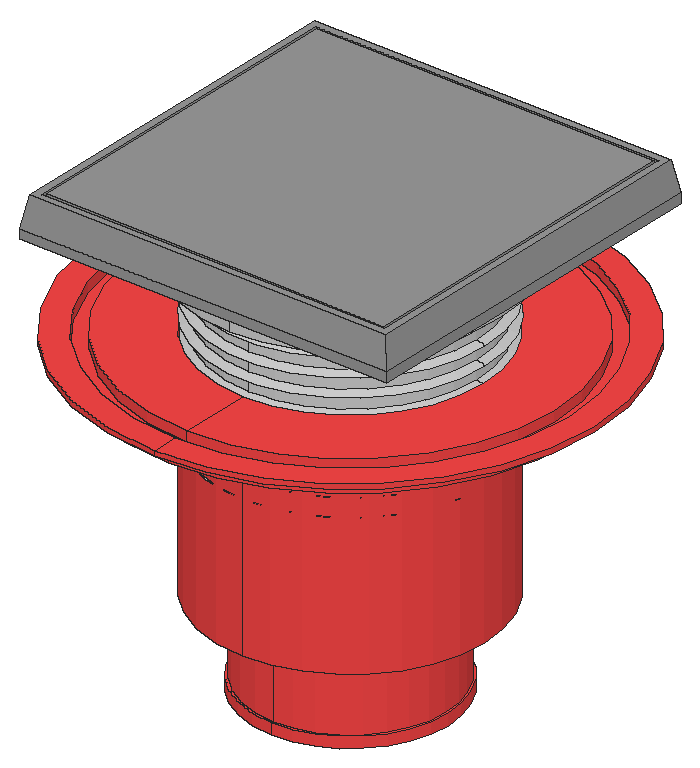
Revit family "HL Трап для внутренних помещенийHL310NG-SML", category Арматура трубопроводов, Revit 2025
Family settings
  Размер круглого соединителя = Использовать диаметр
  Тип детали = Нормальный
  Номер OmniClass = 23.70.50.21.24.14
  Заголовок OmniClass = Deck Waste Water Drains
  На основе рабочей плоскости = Нет
  Всегда вертикально = Да
  При загрузке вырезать с полостями = Нет
  Общий = Да
Parameters (values of type "HL39PrblueG")
  РЕШЁТКА = "137x137mm / GJL"
  РАЗМЕР = "d 110 mm"
  ПРАВОВАЯ ИНФОРМАЦИЯ = "Авторские права(©), права на дизайн или какие либо другие права интелектуальной собственности являются исключительной собственностью компании HL Hutterer & Lechner. Изменению не подлежит. Файл семейства с данными о прозводителе изделия защищен паролем с водяным знаком."  # constant formula
  НАСАДКА = "150x150mm / GJL"
  МАТЕРИАЛ = "PP, GJL"
  МАКСИМАЛЬНАЯ НАГРУЗКА КЛАССА = "A/L15 - 1,5 t"
  ВЫСОТА МОНТАЖА = "35-75 mm"
  ВЕС = "2,179 [kg]"
  Waste Connection = yes
  Отметка по умолчанию = 0 mm
  Vent Connection = no
  Изготовитель = "HL Hutterer & Lechner GmbH"  # constant formula
  URL = "https://www.hutterer-lechner.com/ru/products/catalog/Floor-drains/attachments/HL39PrblueG.aspx"
  NL_Test [instance] = and(or(Высота монтажа < NL_Max, Высота монтажа = NL_Max), or(Высота монтажа > NL_Min, Высота монтажа = NL_Min))  # yes
  NL_Min = 20 mm
  NL_Max = 75 mm
  NL [instance] = if(NL_Test, Высота монтажа + 20 mm, 0 mm)  # 95 mm
  Assembly Code = ""
  Высота монтажа [instance] = 75 mm
  HW Connection = no
  Описание = "Трап для внутренних помещений"
  Model = "HL39PrblueG"
  Комментарии к типоразмеру = "Насадка d 110мм/чугунные подрамники 150х150мм/137х137мм чугун с запахозапирающим устройством Primus."
  Keynote = "HL39PrblueG"
  EAN = "9003076052240"
  CW Connection = no
Reference planes
  plane 1 "Center (Front/Back)": y = 0
  plane 2: z = 0
  plane 3 "Center (Left/Right)": x = 0
  plane 4 "Ball Joint Vertical": x = 25.45
  plane 5: z = -95
Lines and regions (mm)
  symbolic lines
    curve 1: line (0, 0, -95) -> (0, 0, 0)
Text (mm)
  text "ROOF/FLOOR" at (-198.233, 0, -26.556), in view "вид строительства"
Dimensions and locks
  locked: plane 4 "Ball Joint Vertical" to plane 3 "Center (Left/Right)" at 25.45
  "NL": plane 2 to plane 5
  aligned and locked: level to plane 2
  aligned and locked: plane 2 to curve 1
  aligned and locked: plane 5 to curve 1
  aligned and locked: plane 3 "Center (Left/Right)" to curve 1
Nested families
  nested 1: "HL-Решётка-HL037G.1E" at (0, 0, 96.955), type "HL037G.1E_Main Component"
  nested 2: "HL-Насадная деталь-HL037G.2E" at (0, 0, 96.955), type "HL037G.2E"
    with Высота монтажа 75 mm, RN 9, RL 58.5 mm, R yes, NL_Test yes, NL 95 mm
  nested 3: "HL Трап для внутренних помещенийHL310KSML_50" at (0, 0, 41.006), type "HL310KSML_50"
    with НОМИНАЛЬНЫЙ ДИАМЕТР 50 mm, Высота монтажа 136 mm, DN_Test 30 mm, B 136 mm, A 36 mm
  nested 4: "HL_Вкладыш сифона_HL0510.7E" at (0, 0, 80.955), type "HL0510.7E"
Definition of nested family "HL-Решётка-HL037G.1E"
  Parameters (values of type "HL037G.1E")
    РАЗМЕР = "137x137mm"
    ПРАВОВАЯ ИНФОРМАЦИЯ = "Авторские права(©), права на дизайн или какие либо другие права интелектуальной собственности являются исключительной собственностью компании HL Hutterer & Lechner. Изменению не подлежит. Файл семейства с данными о прозводителе изделия защищен паролем с водяным знаком."  # constant formula
    МАТЕРИАЛ = "Gusseisen"
    МАКСИМАЛЬНАЯ НАГРУЗКА КЛАССА = "A/L15 - 1,5 t"
    ВЕС = "0,91 [kg]"
    Waste Connection = yes
    Default Elevation = 0 mm
    Vent Connection = no
    Manufacturer = "HL Hutterer & Lechner GmbH"  # constant formula
    URL = "http://www.hutterer-lechner.com/ru/Products/catalog/floor-drains/attachments/HL037G.1E.aspx"
    HW Connection = no
    Description = "Трапы для внутренних помещений - Комплектующие"
    Model = "HL037G.1E"
    Type Comments = "HL037G.1E Чугунные решетки для сливных отверстий 137х137мм"
    Keynote = "HL037G.1E"
    EAN = "9003076009046"
    CW Connection = no
  Reference planes
    plane 1 "Center (Front/Back)": y = 0
    plane 2: z = 0
    plane 3 "Center (Left/Right)": x = 0
    plane 4 "Ball Joint Vertical": x = 25.45
  Forms (mm)
    Extrusion 1, solid, detail levels fine
      sketch origin (0, 0, 0) x (1, 0, 0) y (0, 1, 0)
        loop
          line (-69, 69) -> (-69, -69) -> (69, -69) -> (69, 69) -> (-69, 69)
      from 0 to -8
  Lines and regions (mm)
    model lines, detail levels fine
      curve 1: line (-8.15, 4.25, 0) -> (-8.15, -4.25, 0)
      curve 2: line (-6.4, 1.625, 0) -> (-6.4, 4.25, 0)
      curve 3: line (-2.65, 0.875, 0) -> (-5.65, 0.875, 0)
      curve 4: line (-5.65, -0.875, 0) -> (-2.65, -0.875, 0)
      curve 5: line (-6.4, -4.25, 0) -> (-6.4, -1.625, 0)
      curve 6: line (-0.15, -4.25, 0) -> (-0.15, 4.25, 0)
      curve 7: line (1.65, 4.25, 0) -> (1.65, -4.25, 0)
      curve 8: line (3.4, -2.5, 0) -> (3.4, 4.25, 0)
      curve 9: line (7.4, -3.25, 0) -> (4.15, -3.25, 0)
      curve 10: line (2.4, -5, 0) -> (7.4, -5, 0)
      curve 11: arc (-8.15, -4.25, 0) -> (-7.275, -5.125, 0) -> (-6.4, -4.25, 0) r 0.875
      curve 12: arc (-8.15, 4.25, 0) -> (-7.275, 5.125, 0) -> (-6.4, 4.25, 0) r 0.875
      curve 13: arc (-6.4, 1.625, 0) -> (-6.18, 1.095, 0) -> (-5.65, 0.875, 0) r 0.75
      curve 14: arc (-5.65, -0.875, 0) -> (-6.18, -1.095, 0) -> (-6.4, -1.625, 0) r 0.75
      curve 15: arc (-2.65, -0.875, 0) -> (-2.12, -1.095, 0) -> (-1.9, -1.625, 0) r 0.75
      curve 16: arc (-2.65, 0.875, 0) -> (-2.12, 1.095, 0) -> (-1.9, 1.625, 0) r 0.75
      curve 17: arc (-1.9, 4.25, 0) -> (-1.025, 5.125, 0) -> (-0.15, 4.25, 0) r 0.875
      curve 18: arc (1.65, 4.25, 0) -> (2.525, 5.125, 0) -> (3.4, 4.25, 0) r 0.875
      curve 19: arc (7.4, -3.25, 0) -> (8.275, -4.125, 0) -> (7.4, -5, 0) r 0.875
      curve 20: arc (4.15, -3.25, 0) -> (3.62, -3.03, 0) -> (3.4, -2.5, 0) r 0.75
      curve 21: arc (1.65, -4.25, 0) -> (1.87, -4.78, 0) -> (2.4, -5, 0) r 0.75
      curve 22: arc (-1.9, -4.25, 0) -> (-1.025, -5.125, 0) -> (-0.15, -4.25, 0) r 0.875
      curve 23: line (-1.9, -1.625, 0) -> (-1.9, -4.25, 0)
      curve 24: line (-1.9, 1.625, 0) -> (-1.9, 4.25, 0)
      curve 25: line (-10.607, 16.263, 0) -> (-28.989, 34.646, 0)
      curve 26: line (-34.646, 28.989, 0) -> (-16.263, 10.607, 0)
      curve 27: line (-21.211, 38.181, 0) -> (-12.021, 28.991, 0)
      curve 28: line (-6.364, 34.648, 0) -> (-15.554, 43.838, 0)
      curve 29: line (-28.991, 12.021, 0) -> (-38.181, 21.211, 0)
      curve 30: line (-43.838, 15.554, 0) -> (-34.648, 6.364, 0)
      curve 31: arc (-43.838, 15.554, 0) -> (-43.838, 21.211, 0) -> (-38.181, 21.211, 0) r 4
      curve 32: arc (-28.991, 12.021, 0) -> (-28.991, 6.364, 0) -> (-34.648, 6.364, 0) r 4
      curve 33: arc (-34.646, 28.989, 0) -> (-34.646, 34.646, 0) -> (-28.989, 34.646, 0) r 4
      curve 34: arc (-16.263, 10.607, 0) -> (-10.607, 10.607, 0) -> (-10.607, 16.263, 0) r 4
      curve 35: arc (-12.021, 28.991, 0) -> (-6.364, 28.991, 0) -> (-6.364, 34.648, 0) r 4
      curve 36: arc (-21.211, 38.181, 0) -> (-21.211, 43.838, 0) -> (-15.554, 43.838, 0) r 4
      curve 37: line (16.263, 10.607, 0) -> (34.646, 28.989, 0)
      curve 38: line (28.989, 34.646, 0) -> (10.607, 16.263, 0)
      curve 39: line (38.181, 21.211, 0) -> (28.991, 12.021, 0)
      curve 40: line (34.648, 6.364, 0) -> (43.838, 15.554, 0)
      curve 41: line (12.021, 28.991, 0) -> (21.211, 38.181, 0)
      curve 42: line (15.554, 43.838, 0) -> (6.364, 34.648, 0)
      curve 43: arc (15.554, 43.838, 0) -> (21.211, 43.838, 0) -> (21.211, 38.181, 0) r 4
      curve 44: arc (12.021, 28.991, 0) -> (6.364, 28.991, 0) -> (6.364, 34.648, 0) r 4
      curve 45: arc (28.989, 34.646, 0) -> (34.646, 34.646, 0) -> (34.646, 28.989, 0) r 4
      curve 46: arc (10.607, 16.263, 0) -> (10.607, 10.607, 0) -> (16.263, 10.607, 0) r 4
      curve 47: arc (28.991, 12.021, 0) -> (28.991, 6.364, 0) -> (34.648, 6.364, 0) r 4
      curve 48: arc (38.181, 21.211, 0) -> (43.838, 21.211, 0) -> (43.838, 15.554, 0) r 4
      curve 49: line (-10.607, -16.263, 0) -> (-28.989, -34.646, 0)
      curve 50: line (-34.646, -28.989, 0) -> (-16.263, -10.607, 0)
      curve 51: line (-21.211, -38.181, 0) -> (-12.021, -28.991, 0)
      curve 52: line (-6.364, -34.648, 0) -> (-15.554, -43.838, 0)
      curve 53: line (-28.991, -12.021, 0) -> (-38.181, -21.211, 0)
      curve 54: line (-43.838, -15.554, 0) -> (-34.648, -6.364, 0)
      curve 55: arc (-43.838, -15.554, 0) -> (-43.838, -21.211, 0) -> (-38.181, -21.211, 0) r 4
      curve 56: arc (-28.991, -12.021, 0) -> (-28.991, -6.364, 0) -> (-34.648, -6.364, 0) r 4
      curve 57: arc (-34.646, -28.989, 0) -> (-34.646, -34.646, 0) -> (-28.989, -34.646, 0) r 4
      curve 58: arc (-16.263, -10.607, 0) -> (-10.607, -10.607, 0) -> (-10.607, -16.263, 0) r 4
      curve 59: arc (-12.021, -28.991, 0) -> (-6.364, -28.991, 0) -> (-6.364, -34.648, 0) r 4
      curve 60: arc (-21.211, -38.181, 0) -> (-21.211, -43.838, 0) -> (-15.554, -43.838, 0) r 4
      curve 61: line (16.263, -10.607, 0) -> (34.646, -28.989, 0)
      curve 62: line (28.989, -34.646, 0) -> (10.607, -16.263, 0)
      curve 63: line (38.181, -21.211, 0) -> (28.991, -12.021, 0)
      curve 64: line (34.648, -6.364, 0) -> (43.838, -15.554, 0)
      curve 65: line (12.021, -28.991, 0) -> (21.211, -38.181, 0)
      curve 66: line (15.554, -43.838, 0) -> (6.364, -34.648, 0)
      curve 67: arc (15.554, -43.838, 0) -> (21.211, -43.838, 0) -> (21.211, -38.181, 0) r 4
      curve 68: arc (12.021, -28.991, 0) -> (6.364, -28.991, 0) -> (6.364, -34.648, 0) r 4
      curve 69: arc (28.989, -34.646, 0) -> (34.646, -34.646, 0) -> (34.646, -28.989, 0) r 4
      curve 70: arc (10.607, -16.263, 0) -> (10.607, -10.607, 0) -> (16.263, -10.607, 0) r 4
      curve 71: arc (28.991, -12.021, 0) -> (28.991, -6.364, 0) -> (34.648, -6.364, 0) r 4
      curve 72: arc (38.181, -21.211, 0) -> (43.838, -21.211, 0) -> (43.838, -15.554, 0) r 4
    model lines
      curve 73: line (0, 0, 0) -> (0, 0, 100)
  Text (mm)
    text "ROOF/FLOOR" at (-198.233, 0, -26.556), in view "Drain Construction View"
  Dimensions and locks
    locked: plane 4 "Ball Joint Vertical" to plane 3 "Center (Left/Right)" at 25.45
    aligned and locked: level to plane 2
Definition of nested family "HL-Насадная деталь-HL037G.2E"
  Parameters (values of type "HL037G.2E")
    РАЗМЕР = "d 110 mm"
    ПРАВОВАЯ ИНФОРМАЦИЯ = "Авторские права(©), права на дизайн или какие либо другие права интелектуальной собственности являются исключительной собственностью компании HL Hutterer & Lechner. Изменению не подлежит. Файл семейства с данными о прозводителе изделия защищен паролем с водяным знаком."  # constant formula
    НАСАДКА = "150x150mm"
    МАКСИМАЛЬНАЯ НАГРУЗКА КЛАССА = "A/L15 - 1,5 t"
    Высота монтажа [instance] = 75 mm
    ВЕС = "2,03 [kg]"
    Waste Connection = yes
    Default Elevation = 0 mm
    Vent Connection = no
    RD = 6.5 mm  # constant formula
    R [instance] = ((Высота монтажа - NL_Min) / RD - 1) > 2  # yes
    RL [instance] = RD * RN  # 58.5 mm
    NL_Test [instance] = and(or(Высота монтажа < NL_Max, Высота монтажа = NL_Max), or(Высота монтажа > NL_Min, Высота монтажа = NL_Min))  # yes
    NL_Min = 30 mm
    NL_Max = 95 mm
    NL [instance] = if(NL_Test, Высота монтажа + 20 mm, 0 mm)  # 95 mm
    RN [instance] = if((Высота монтажа + 20 mm - NL_Min) / RD - 1 < 2, 2, (Высота монтажа + 20 mm - NL_Min) / RD - 1)  # 9
    Manufacturer = "HL Hutterer & Lechner GmbH"  # constant formula
    URL = "http://www.hutterer-lechner.com/ru/Products/catalog/floor-drains/attachments/HL037G.2E.aspx"
    HW Connection = no
    Description = "Трапы для внутренних помещений - Комплектующие"
    Model = "HL037G.2E"
    Type Comments = "HL037G.2E Подрамники d 110 мм из чугуна 150х150 мм"
    Keynote = "HL037G.2E"
    EAN = "9003076025404"
    CW Connection = no
  Reference planes
    plane 1 "Center (Front/Back)": y = 0
    plane 2: z = 0
    plane 3 "Center (Left/Right)": x = 0
    plane 4 "Ball Joint Vertical": x = 25.45
    plane 5: z = -95
  Forms (mm)
    Extrusion 1, solid, detail levels fine
      sketch origin (0, 0, 0) x (1, 0, 0) y (0, 1, 0)
        loop
          line (-75, 75) -> (-75, -75) -> (75, -75) -> (75, 75) -> (-75, 75)
        loop
          circle (0, 0) r 50.15
      from -12 to -16
    Sweep 2, solid, detail levels fine
      path in 3D
        loop
          line (-75, 75, -12) -> (-75, -75, -12) -> (75, -75, -12) -> (75, 75, -12) -> (-75, 75, -12)
      profile origin (0, 75, -12) x (0, -1, 0) y (0, 0, 1)
        loop
          line (2.116, 12) -> (0, 0) -> (15, 0) -> (15, 4) -> (5, 4) -> (5, 12) -> (2.116, 12)
    Extrusion 3, solid, detail levels fine
      sketch origin (0, 0, 0) x (1, 0, 0) y (0, 1, 0)
        loop
          line (-60, 60) -> (-60, -60) -> (60, -60) -> (60, 60) -> (-60, 60)
        loop
          circle (0, 0) r 50.5
      from -8 to -12
    Revolve 4, solid, detail levels fine
      sketch origin (0, 0, 0) x (0, 1, 0) y (0, 0, 1)
        loop
          line (64.5, -16) -> (62.224, -16) -> (59.8, -18.424) -> (59.8, -27.8) -> (50.15, -27.8) -> (50.15, -29.5) -> (50.15, -95) -> (51.85, -95) -> (51.85, -29.5) -> (61.5, -29.5) -> (61.5, -19) -> (64.5, -16)
        axis (0, -16) -> (0, -95)
      angle from 0 to 360
  Cuts and joins
    joined: Extrusion 1, Sweep 2, Extrusion 3
  Lines and regions (mm)
    symbolic lines
      curve 1: line (0, 0, -95) -> (0, 0, 0)
    sketch lines
      curve 2: line (75, 75, -12) -> (-75, 75, -12)
      curve 3: line (75, -75, -12) -> (75, 75, -12)
      curve 4: line (-75, -75, -12) -> (75, -75, -12)
      curve 5: line (-75, 75, -12) -> (-75, -75, -12)
  Text (mm)
    text "ROOF/FLOOR" at (-198.233, 0, -26.556), in view "Drain Construction View"
  Dimensions and locks
    locked: plane 4 "Ball Joint Vertical" to plane 3 "Center (Left/Right)" at 25.45
    "NL": plane 2 to plane 5
    equal spacing: group 1, group 3, group 4, group 5, group 6, group 7, group 8, group 9, group 2  (x3)
    "RL": nested 2 to nested 1
    locked: nested 1 to plane 5 at 1.516
    aligned and locked: level to plane 2
    aligned and locked: plane 3 "Center (Left/Right)" to nested 1
    aligned and locked: plane 1 "Center (Front/Back)" to nested 1
    aligned and locked: plane 2 to curve 1
    aligned and locked: plane 5 to curve 1
    aligned and locked: plane 5 to Revolve 4
  Automatic sketch dimensions
    curve 1 to plane 4 "Ball Joint Vertical" = 25.45 mm
    Extrusion 1 sketch curve to Extrusion 1 sketch curve = 0 mm  (x2)
    plane 1 "Center (Front/Back)" to Extrusion 1 sketch curve = 0 mm
    Extrusion 1 sketch curve to plane 3 "Center (Left/Right)" = 0 mm
    Extrusion 1 sketch curve to plane 3 "Center (Left/Right)" = 75 mm
    plane 4 "Ball Joint Vertical" to Extrusion 1 sketch curve = 49.55 mm
    plane 1 "Center (Front/Back)" to Extrusion 1 sketch curve = 75 mm
    Extrusion 1 sketch curve to plane 1 "Center (Front/Back)" = 75 mm
    plane 1 "Center (Front/Back)" to Extrusion 1 sketch curve = 5.198 mm
    Extrusion 1 sketch curve to plane 3 "Center (Left/Right)" = 49.88 mm
    Extrusion 1 sketch curve to plane 1 "Center (Front/Back)" = 5.198 mm
    Sweep 2 sketch curve to profile plane = 0 mm  (x2)
    Sweep 2 sketch curve to profile plane = 2.116 mm
    Sweep 2 sketch curve to Sweep 2 sketch curve = 2.884 mm
    profile plane to Sweep 2 sketch curve = 4 mm
    Sweep 2 sketch curve to Sweep 2 sketch curve = 10 mm
    Sweep 2 sketch curve to Sweep 2 sketch curve = 8 mm
    Extrusion 3 sketch curve to Extrusion 3 sketch curve = 0 mm  (x2)
    plane 1 "Center (Front/Back)" to Extrusion 3 sketch curve = 0 mm
    Extrusion 3 sketch curve to plane 3 "Center (Left/Right)" = 0 mm
    Extrusion 3 sketch curve to plane 3 "Center (Left/Right)" = 60 mm
    plane 4 "Ball Joint Vertical" to Extrusion 3 sketch curve = 34.55 mm
    plane 1 "Center (Front/Back)" to Extrusion 3 sketch curve = 60 mm
    Extrusion 3 sketch curve to plane 1 "Center (Front/Back)" = 60 mm
    Extrusion 3 sketch curve to plane 1 "Center (Front/Back)" = 5.234 mm
    Extrusion 3 sketch curve to plane 3 "Center (Left/Right)" = 50.228 mm
    plane 1 "Center (Front/Back)" to Extrusion 3 sketch curve = 5.234 mm
    Revolve 4 sketch curve to plane 1 "Center (Front/Back)" = 0 mm
    Revolve 4 sketch curve to plane 1 "Center (Front/Back)" = 50.15 mm
    Revolve 4 sketch curve to Revolve 4 sketch curve = 1.7 mm  (x3)
    Revolve 4 sketch curve to Revolve 4 sketch curve = 7.95 mm
    Revolve 4 sketch curve to level = 16 mm
    Revolve 4 sketch curve to Revolve 4 sketch curve = 0.724 mm
    Revolve 4 sketch curve to Revolve 4 sketch curve = 2.276 mm
    Revolve 4 sketch curve to Revolve 4 sketch curve = 2.424 mm
    Revolve 4 sketch curve to Revolve 4 sketch curve = 0.576 mm
    Revolve 4 sketch curve to Revolve 4 sketch curve = 9.376 mm
    Revolve 4 sketch curve to Revolve 4 sketch curve = 0 mm
    Revolve 4 sketch curve to plane 5 = 0 mm
    Revolve 4 sketch curve to plane 5 = 60 mm
    level to Revolve 4 sketch curve = 50 mm
  Nested families
    nested 1: "Ring" at (0, 0, -93.484), visible <- "R", type "Ring"
    nested 2: "Ring" at (0, 0, -34.984), visible <- "R", type "Ring"
    nested 3: "Ring" at (0, 0, -86.171), visible <- "R", type "Ring"
    nested 4: "Ring" at (0, 0, -78.859), visible <- "R", type "Ring"
    nested 5: "Ring" at (0, 0, -71.546), visible <- "R", type "Ring"
    nested 6: "Ring" at (0, 0, -64.234), visible <- "R", type "Ring"
    nested 7: "Ring" at (0, 0, -56.921), visible <- "R", type "Ring"
    nested 8: "Ring" at (0, 0, -49.609), visible <- "R", type "Ring"
    nested 9: "Ring" at (0, 0, -42.296), visible <- "R", type "Ring"
  Definition of nested family "Ring"
    Parameters (values of type "Ring")
      Manufacturer = ""
      Default Elevation = 0 mm
      URL = ""
      R = D / 2  # 51.5 mm
      Description = ""
      Model = ""
      Material = none
      Type Comments = ""
      D = 103 mm
      Cost = 0
    Reference planes
      plane 1 "Střed (vpředu/vzadu)": y = 0
      plane 2: z = 0
      plane 3 "Střed (vlevo/vpravo)": x = 0
    Forms (mm)
      Revolve 1, solid, material <- "Material", detail levels fine
        sketch origin (0, 0, 0) x (1, 0, 0) y (0, 0, 1)
          loop
            line (-51.5, 1.482) -> (-54.764, 0) -> (-51.5, -1.516) -> (-51.5, 1.482)
          axis (0, 1.482) -> (0, -1.516)
        angle from 0 to 360
    Dimensions and locks
      "R": Revolve 1 sketch curve to plane 3 "Střed (vlevo/vpravo)"
      aligned and locked: level to plane 2
      aligned and locked: Revolve 1 sketch curve to plane 3 "Střed (vlevo/vpravo)"
    Automatic sketch dimensions
      Revolve 1 sketch curve to level = 0 mm
      Revolve 1 sketch curve to Revolve 1 sketch curve = 3.264 mm
      Revolve 1 sketch curve to level = 1.516 mm
      level to Revolve 1 sketch curve = 1.482 mm
      Revolve 1 sketch curve to level = 381 mm
      Revolve 1 sketch curve to Revolve 1 sketch curve = 2212.833 mm
Definition of nested family "HL Трап для внутренних помещенийHL310KSML_50"
  Parameters (values of type "HL310KSML_50")
    РЕШЁТКА = "115 x 115 mm / V2A"
    РАЗМЕР = "DN50/75/110"
    ПРОПУСКНАЯ СПОСОБНОСТЬ = 0.67 L/s
    ПРОИЗВОДИТЕЛЬНОСТЬ = "0,67 l/s"
    ПРАВОВАЯ ИНФОРМАЦИЯ = "Авторские права(©), права на дизайн или какие либо другие права интелектуальной собственности являются исключительной собственностью компании HL Hutterer & Lechner. Изменению не подлежит. Файл семейства с данными о прозводителе изделия защищен паролем с водяным знаком."  # constant formula
    Нормы = "EN 1253-1"
    НОМИНАЛЬНЫЙ ДИАМЕТР [instance] = 50 mm
    НАСАДКА = "12-70 mm / 123 x 123 mm / PP"
    МАТЕРИАЛ = "PP, V2A"
    МАКСИМАЛЬНАЯ НАГРУЗКА КЛАССА = "K3 - 300 kg"
    ВЫСОТА МОНТАЖА = "163 mm"
    ВЕС = "0,72 [kg]"
    EAN = "9003076004638"
    Default Elevation = 0 mm
    Vent Connection = no
    Manufacturer = "HL Hutterer & Lechner GmbH"  # constant formula
    URL = "http://www.hutterer-lechner.com/ru/Products/catalog/floor-drains/attachments/HL310N.aspx"
    Waste Connection = yes
    HW Connection = no
    Description = "Трап для внутренних помещений"
    Model = "HL310KSML_50"
    Type Comments = "Корпус трапа для внутренних помещений DN50/75/110 вертикальный"
    Keynote = "HL310KSML_50"
    Высота монтажа [instance] = 136 mm
    DN_Test [instance] = if(or(НОМИНАЛЬНЫЙ ДИАМЕТР = 50 mm, НОМИНАЛЬНЫЙ ДИАМЕТР = 75 mm, НОМИНАЛЬНЫЙ ДИАМЕТР = 110 mm), 30 mm, 0 mm)  # 30 mm
    CW Connection = no
    B [instance] = if(НОМИНАЛЬНЫЙ ДИАМЕТР = 110 mm, Высота монтажа - 41 mm, if(НОМИНАЛЬНЫЙ ДИАМЕТР = 75 mm, Высота монтажа - 5.5 mm, Высота монтажа))  # 136 mm
    A [instance] = if(B - 100 mm > 15 mm, B - 100 mm, 15 mm)  # 36 mm
  Reference planes
    plane 1 "Center (Front/Back)": y = 0
    plane 2: z = 0
    plane 3 "Center (Left/Right)": x = 0
    plane 4 "Ball Joint Vertical": x = 25.45
    plane 5: z = -136
    plane 6: z = -136
  Lines and regions (mm)
    model lines
      curve 1: line (0, 0, 0) -> (0, 0, 975)
    reference lines
      curve 2: line (0, 0, -131.004) -> (0, 0, -136.004)
    model lines, detail levels coarse+medium
      curve 3: line (0, 0, -136) -> (0, 0, -100)
      curve 4: line (0, 0, -100) -> (100, 0, 0)
      curve 5: line (0, 0, -100) -> (-100, 0, 0)
    symbolic lines, not visible
      curve 6: line (0, 0, 0) -> (0, 0, -30)
    symbolic lines, detail levels coarse+medium
      curve 7: line (-75, 75, 0) -> (75, 75, 0)
      curve 8: line (-75, -75, 0) -> (-75, 75, 0)
      curve 9: line (75, -75, 0) -> (-75, -75, 0)
      curve 10: line (75, 75, 0) -> (75, -75, 0)
      curve 11: line (75, 75, 0) -> (145.711, 145.711, 0)
      curve 12: line (-75, 75, 0) -> (-145.711, 145.711, 0)
      curve 13: line (75, -75, 0) -> (145.711, -145.711, 0)
      curve 14: line (-75, -75, 0) -> (-145.711, -145.711, 0)
    symbolic lines, not visible, detail levels coarse+medium
      curve 15: line (97.767, 268.748, 0) -> (247.767, 268.748, 0)
      curve 16: line (97.767, 118.748, 0) -> (97.767, 268.748, 0)
      curve 17: line (247.767, 118.748, 0) -> (97.767, 118.748, 0)
      curve 18: line (247.767, 268.748, 0) -> (247.767, 118.748, 0)
      curve 19: line (247.767, 268.748, 0) -> (318.478, 339.459, 0)
      curve 20: line (97.767, 268.748, 0) -> (27.057, 339.459, 0)
      curve 21: line (247.767, 118.748, 0) -> (318.478, 48.037, 0)
      curve 22: line (97.767, 118.748, 0) -> (27.057, 48.037, 0)
  Text (mm)
    text "FLOOR" at (-218.559, 0, -14.206), in view "вид строительства"
  Dimensions and locks
    locked: plane 4 "Ball Joint Vertical" to plane 3 "Center (Left/Right)" at 25.45
    "Высота монтажа": plane 2 to plane 5
    "A": curve 5 to plane 6
    "B": curve 5 to plane 6
    "B": curve 4 to plane 6
    "B": plane 2 to plane 6
    "DN_Test": plane 2 to curve 6
    plane 2 to nested 1 = 92.986 mm
    locked: curve 4 to plane 3 "Center (Left/Right)" (angle 45.00°)
    locked: plane 3 "Center (Left/Right)" to curve 5 (angle 45.00°)
    aligned and locked: level to plane 2
    aligned and locked: plane 2 to curve 1
    aligned and locked: plane 3 "Center (Left/Right)" to curve 1
    aligned and locked: plane 3 "Center (Left/Right)" to curve 2
    aligned and locked: plane 3 "Center (Left/Right)" to curve 3
    aligned and locked: plane 3 "Center (Left/Right)" to curve 5
    aligned and locked: plane 6 to curve 3
    aligned and locked: plane 5 to nested 1
  Automatic sketch dimensions
    curve 2 to plane 6 = 0.004 mm
    plane 6 to curve 2 = 4.996 mm
    level to curve 1 = 975 mm
  Nested families
    nested 1: "HL-Корпус для трапа внутренних помещений-HL310KSML-50" at (0, 0, -0.017), type "HL310KSML-50"
  Connectors
    piping at (0, 0, -136.004), diameter 50, driven by "ПРОПУСКНАЯ СПОСОБНОСТЬ", driven by "НОМИНАЛЬНЫЙ ДИАМЕТР"
      settings: on curve 2, index 1, connector inside diameter 609.6 mm, connector length 0 mm, flow factor 0, pipe flow 0.67 L/s, pressure drop 0.0 Pa, fitting loss kfactor 0, connector angle 0.00°, fixture units 0, engagement length 0 mm, angle of deflection 0.00°, flow configuration 1, flow direction 2, fitting loss method 0, system type 16, joint type 0, gender type 0, connector reference index -1, connector utility 0, adjustable connector no, is connector primary yes, connector description ""
  Definition of nested family "HL-Корпус для трапа внутренних помещений-HL310KSML-50"
    Parameters (values of type "HL310KSML-50")
      РАЗМЕР = "d50"
      ПРОИЗВОДИТЕЛЬНОСТЬ = ">0,5 l/s"
      ПРАВОВАЯ ИНФОРМАЦИЯ = "Авторские права(©), права на дизайн или какие либо другие права интелектуальной собственности являются исключительной собственностью компании HL Hutterer & Lechner. Изменению не подлежит. Файл семейства с данными о прозводителе изделия защищен паролем с водяным знаком."  # constant formula
      Нормы = "EN 1253"
      МАТЕРИАЛ = "PP"
      ВЫСОТА МОНТАЖА = "132 mm"
      ВЕС = "0,33 [kg]"
      Waste Connection = yes
      Default Elevation = 0 mm
      Vent Connection = no
      Manufacturer = "HL Hutterer & Lechner GmbH"  # constant formula
      URL = "https://www.hutterer-lechner.com/ru/Products/catalog/Floor-drains/vertical/flange/HL310KSML/50.aspx"
      Assembly Code = ""
      HW Connection = no
      Description = "Трап для внутренних помещений"
      Model = "HL310KSML-50"
      Type Comments = "Корпус трапа для внутренних помещений DN50/75/110 вертикальный"
      Keynote = "HL310KSML-50"
      EAN = "9003076052219"
      CW Connection = no
    Reference planes
      plane 1 "Center (Front/Back)": y = 0
      plane 2: z = 0
      plane 3 "Center (Left/Right)": x = 0
      plane 4 "Ball Joint Vertical": x = 25.45
    Forms (mm)
      Revolve 1, solid, detail levels fine
        sketch origin (0, 0, 0) x (0, 1, 0) y (0, 0, 1)
          loop
            line (54.997, 0) -> (54.997, -20) -> (52.897, -20) -> (52.897, -92.969) -> (20.821, -92.969) -> (20.821, -135.983) -> (22.621, -135.983) -> (22.621, -94.969) -> (27.121, -94.969) -> (27.121, -126.376) -> (35.181, -130.483) -> (40.181, -130.483) -> (40.181, -125.983) -> (39.197, -125.983) -> (39.197, -94.969) -> (54.997, -94.969) -> (54.997, -23.507) -> (58.197, -23.507) -> (58.197, -7.5) -> (77.9, -7.5) -> (92.9, -7.5) -> (92.9, -2) -> (100, -2) -> (100, 0) -> (89.685, 0) -> (89.685, -4) -> (83.685, -4) -> (83.685, 0) -> (54.997, 0)
          axis (0, 0) -> (0, -135.983)
        angle from 0 to 360
    Text (mm)
      text "ROOF/FLOOR" at (-198.233, 0, -26.556), in view "вид строительства"
    Dimensions and locks
      locked: plane 4 "Ball Joint Vertical" to plane 3 "Center (Left/Right)" at 25.45
      aligned and locked: level to plane 2
      aligned and locked: Revolve 1 sketch curve to plane 1 "Center (Front/Back)"
Definition of nested family "HL_Вкладыш сифона_HL0510.7E"
  Parameters
    ПРАВОВАЯ ИНФОРМАЦИЯ = "Авторские права(©), права на дизайн или какие либо другие права интелектуальной собственности являются исключительной собственностью компании HL Hutterer & Lechner. Изменению не подлежит. Файл семейства с данными о прозводителе изделия защищен паролем с водяным знаком."  # constant formula
    МАТЕРИАЛ = "PP"
    ВЕС = "0,08 [kg]"
    Waste Connection = yes
    Default Elevation = 0 mm
    Vent Connection = no
    Manufacturer = "HL Hutterer & Lechner GmbH"  # constant formula
    URL = "http://www.hutterer-lechner.com/ru/products/catalog/floor-drains/attachments/HL0510.7e.aspx"
    HW Connection = no
    Description = "Трапы для внутренних помещений - Комплектующие"
    Model = "HL0510.7E"
    Type Comments = "HL0510.7E Вкладыш запахозапирающий комплектный"
    Keynote = "HL0510.7E"
    EAN = "9003076051076"
    CW Connection = no
  Reference planes
    plane 1 "Center (Front/Back)": y = 0
    plane 2: z = 0
    plane 3 "Center (Left/Right)": x = 0
    plane 4 "Ball Joint Vertical": x = 25.45
  Forms (mm)
    Revolve 1, solid, detail levels fine
      sketch origin (0, 0, 0) x (0, 1, 0) y (0, 0, 1)
        loop
          line (20, -68.2) -> (20, -11) -> (18.2, -11) -> (18.2, -70) -> (45, -70) -> (45, -36) -> (48.834, -36) -> (48.834, -14) -> (49.7, -14) -> (49.7, -2) -> (53, -2) -> (53, 0) -> (45, 0) -> (45, -29.222) -> (43.93, -33.62) -> (43.13, -33.62) -> (43.13, -68.2) -> (20, -68.2)
        loop
          line (36.103, -61) -> (36.103, 0) -> (0, 0) -> (0, -1.8) -> (34.307, -1.8) -> (34.307, -61) -> (36.103, -61)
        axis (0, 0) -> (0, -70)
      angle from 0 to 360
    Extrusion 2, solid, detail levels fine
      sketch origin (0, 0, 0) x (1, 0, 0) y (0, 1, 0)
        loop
          line (-24.1, 5.7) -> (-24.1, -5.7) -> (-4, -5.7) -> (-4, -23) -> (4, -23) -> (4, -5.7) -> (24.1, -5.7) -> (24.1, 5.7) -> (4, 5.7) -> (4, 23) -> (-4, 23) -> (-4, 5.7) -> (-24.1, 5.7)
      from -82.5 to -81
    Extrusion 3, solid, detail levels fine
      sketch origin (0, 0, 0) x (1, 0, 0) y (0, 1, 0)
        loop
          line (-24.1, 5.7) -> (-24.1, -5.7) -> (-18.9, -5.7) -> (-18.9, 5.7) -> (-24.1, 5.7)
        loop
          line (18.9, 5.7) -> (18.9, -5.7) -> (24.1, -5.7) -> (24.1, 5.7) -> (18.9, 5.7)
      from -81 to -70
    Revolve 4, solid, detail levels fine
      sketch origin (0, 0, 0) x (0, 1, 0) y (0, 0, 1)
        loop
          arc (49.7, -10.914) -> (51.118, -9) -> (49.7, -7.086) r 2
          line (49.7, -7.086) -> (49.7, -10.914)
        axis (0, -7.086) -> (0, -10.914)
      angle from 0 to 360
  Cuts and joins
    joined: Revolve 1, Extrusion 2, Extrusion 3
  Text (mm)
    text "ROOF/FLOOR" at (-198.233, 0, -26.556), in view "Drain Construction View"
  Dimensions and locks
    locked: plane 4 "Ball Joint Vertical" to plane 3 "Center (Left/Right)" at 25.45
    aligned and locked: level to plane 2
